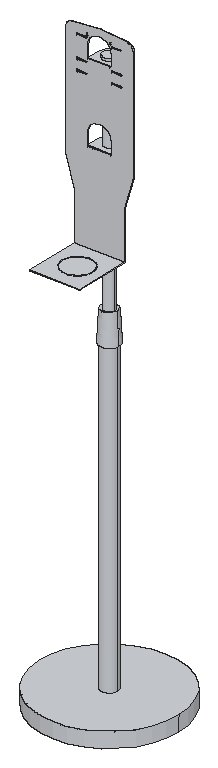
Revit family "AX9497_0008", category Modèles génériques, Revit 2016
Family settings
  Hôte = Sol
  Type d'élément = Normal
  Peut héberger une armature = Non
  Cote de connecteur circulaire = Utiliser le diamètre
  Basée sur le plan de construction = Non
  Toujours verticalement = Oui
  Couper avec des vides une fois chargée = Non
  Partagée = Non
  Point de calcul de pièce = Non
Parameters
  URL = "https://www.axeuro.com/fr/distributeurs-de-gel-hydroalcoolique/26124-pied-ax9497.html"
  Type de produit / Type of product = "Pied pour distributeur de savon / Stand for dispenser"  # constant formula
  Référence / Reference = "AX9497, AX9497P"  # constant formula
  Entreprise / Company = "Axeuro"  # constant formula
Reference planes
  plane 1 "Centre (avant/arrière)": y = 0
  plane 2: z = 0
  plane 3 "Centre (gauche/droite)": x = 0
Forms (mm)
  Extrusion 1, solid
    sketch origin (162.428, -49.928, 0) x (1, 0, 0) y (0, 1, 0)
      loop
        circle (-162.428, 49.928) r 160
    from 0 to 35
  Extrusion 2, solid
    sketch origin (0, 0, 0) x (1, 0, 0) y (0, 1, 0)
      loop
        circle (0, 0) r 19
    from 35 to 745
  Blend 3, solid
    base sketch origin (0, 0, 880) x (1, 0, 0) y (0, 1, 0)
      loop
        circle (0, 0) r 22.5
    top sketch origin (0, 0, 0) x (1, 0, 0) y (0, 1, 0)
      loop
        circle (0, 0) r 18.456
    from -135 to 815
  Extrusion 4, solid
    sketch origin (0, 0, 0) x (1, 0, 0) y (0, 1, 0)
      loop
        circle (0, 0) r 12.5
    from 815 to 1329.4
  Extrusion 5, solid
    sketch origin (58.525, -26.5, -230.867) x (1, 0, 0) y (0, 0, 1)
      loop
        line (-1.025, 1170.867) -> (-1.025, 1280.867) -> (18.975, 1350.867) -> (18.975, 1610.867)
        arc (18.975, 1610.867) -> (14.581, 1621.473) -> (3.975, 1625.867) r 15
        arc (3.975, 1625.867) -> (-58.525, 1630.867) -> (-121.025, 1625.867) r 393.125
        arc (-121.025, 1625.867) -> (-130.386, 1621.487) -> (-136.025, 1612.828) r 18.831
        line (-136.025, 1612.828) -> (-136.025, 1350.867) -> (-116.025, 1280.867) -> (-116.025, 1170.867) -> (-1.025, 1170.867)
      loop
        arc (-108.525, 1605.867) -> (-111.025, 1603.367) -> (-108.525, 1600.867) r 2.5
        line (-108.525, 1600.867) -> (-88.525, 1600.867)
        arc (-88.525, 1600.867) -> (-86.025, 1603.367) -> (-88.525, 1605.867) r 2.5
        line (-88.525, 1605.867) -> (-108.525, 1605.867)
      loop
        arc (-28.525, 1605.867) -> (-31.025, 1603.367) -> (-28.525, 1600.867) r 2.5
        line (-28.525, 1600.867) -> (-8.525, 1600.867)
        arc (-8.525, 1600.867) -> (-6.025, 1603.367) -> (-8.525, 1605.867) r 2.5
        line (-8.525, 1605.867) -> (-28.525, 1605.867)
      loop
        arc (-108.525, 1531.267) -> (-111.025, 1528.767) -> (-108.525, 1526.267) r 2.5
        line (-108.525, 1526.267) -> (-88.525, 1526.267)
        arc (-88.525, 1526.267) -> (-86.025, 1528.767) -> (-88.525, 1531.267) r 2.5
        line (-88.525, 1531.267) -> (-108.525, 1531.267)
      loop
        arc (-28.525, 1531.267) -> (-31.025, 1528.767) -> (-28.525, 1526.267) r 2.5
        line (-28.525, 1526.267) -> (-8.525, 1526.267)
        arc (-8.525, 1526.267) -> (-6.025, 1528.767) -> (-8.525, 1531.267) r 2.5
        line (-8.525, 1531.267) -> (-28.525, 1531.267)
      loop
        arc (-108.525, 1555.767) -> (-111.025, 1553.267) -> (-108.525, 1550.767) r 2.5
        line (-108.525, 1550.767) -> (-88.525, 1550.767)
        arc (-88.525, 1550.767) -> (-86.025, 1553.267) -> (-88.525, 1555.767) r 2.5
        line (-88.525, 1555.767) -> (-108.525, 1555.767)
      loop
        arc (-28.525, 1555.767) -> (-31.025, 1553.267) -> (-28.525, 1550.767) r 2.5
        line (-28.525, 1550.767) -> (-8.525, 1550.767)
        arc (-8.525, 1550.767) -> (-6.025, 1553.267) -> (-8.525, 1555.767) r 2.5
        line (-8.525, 1555.767) -> (-28.525, 1555.767)
      loop
        circle (-31.763, 1610.367) r 2.5
      loop
        circle (-85.288, 1610.367) r 2.5
    from 0 to 1.496
  Extrusion 6, solid
    sketch origin (-109.482, -92.345, -288.1) x (1, 0, 0) y (0, 1, 0)
      loop
        line (51.982, 65.845) -> (51.982, -64.155) -> (166.982, -64.155) -> (166.982, 65.845) -> (51.982, 65.845)
      loop
        circle (109.482, 0.097) r 35
    from 1228.1 to 1229.6
  Extrusion 7, solid
    sketch origin (0, -26.5, -230.867) x (1, 0, 0) y (0, 1, 0)
      loop
        circle (0, -65.748) r 35
    from 1165.367 to 1172.367
  Extrusion 8, void
    sketch origin (0, -14, 0) x (1, 0, 0) y (0, 0, 1)
      loop
        line (27.5, 1329.4) -> (27.5, 1357.5)
        arc (27.5, 1357.5) -> (0, 1385) -> (-27.5, 1357.5) r 27.5
        line (-27.5, 1357.5) -> (-27.5, 1329.4) -> (27.5, 1329.4)
    from 12.5 to 13.996
  Extrusion 9, solid
    sketch origin (0, 0, -1.496) x (1, 0, 0) y (0, 1, 0)
      loop
        circle (0, 0) r 15
    from 1332.392 to 1336.359
  Extrusion 10, void
    sketch origin (0, -14, -180) x (1, 0, 0) y (0, 0, 1)
      loop
        line (27.5, 1329.4) -> (27.5, 1357.5)
        arc (27.5, 1357.5) -> (0, 1385) -> (-27.5, 1357.5) r 27.5
        line (-27.5, 1357.5) -> (-27.5, 1329.4) -> (27.5, 1329.4)
    from 12.5 to 13.996
  Extrusion 11, solid
    sketch origin (0, -1355.9, 1316.9) x (1, 0, 0) y (0, 1, 0)
      loop
        line (-27.5, 1357.5) -> (-27.5, 1329.4) -> (27.5, 1329.4) -> (27.5, 1357.5)
        arc (27.5, 1357.5) -> (0, 1385) -> (-27.5, 1357.5) r 27.5
    from 12.5 to 13.996
  Extrusion 12, solid
    sketch origin (0, -1355.9, 1136.9) x (1, 0, 0) y (0, 1, 0)
      loop
        line (-27.5, 1357.5) -> (-27.5, 1329.4) -> (27.5, 1329.4) -> (27.5, 1357.5)
        arc (27.5, 1357.5) -> (0, 1385) -> (-27.5, 1357.5) r 27.5
    from 12.5 to 13.996
Cuts and joins
  Extrusion 8, Extrusion 10 cuts Extrusion 5
  Extrusion 8, Extrusion 10 cuts Extrusion 6
  joined: Extrusion 5, Extrusion 6, Extrusion 11
  Extrusion 8 cuts Extrusion 4
  Extrusion 10 cuts Extrusion 9
Lines and regions (mm)
  reference lines
    curve 1: line (0, 43.1, 0) -> (0, 29.1, 0)
Dimensions and locks
  aligned and locked: level to plane 2
